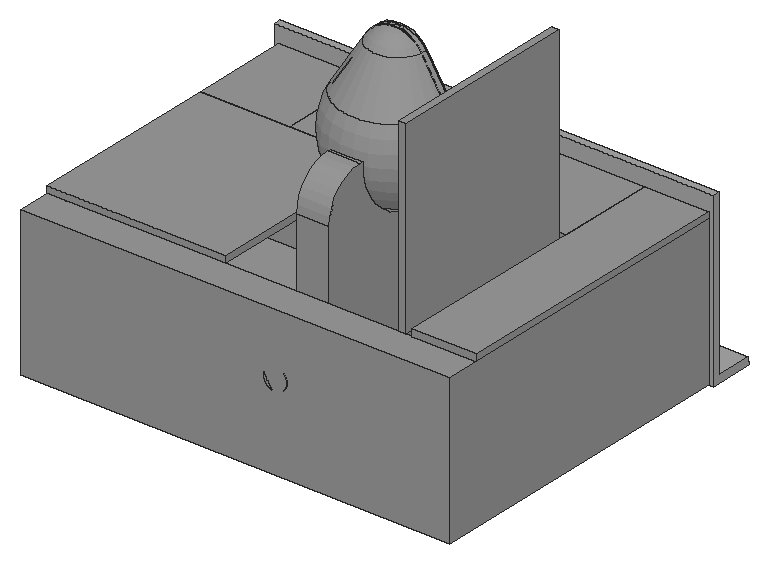
Revit family "Modular_Patient_Care_Unit-Willoughby-Patient_Care_Unit-WH-1700-R-SFO", category Plumbing Fixtures, Revit 2015
Parameters (values of type "Standard")
  Waste RAD [instance] = Waste DIA / 2  # 1 1/4"
  Waste DIA [instance] = 2 1/2"
  Waste Connection = yes
  Vent Connection = no
  URL = "https://www.willoughby-ind.com/wp-content/uploads/2018/01/WH-1700.pdf"
  Type Comments = ""
  Stainless Steel = Stainless Steel AISI 304-Willoughby
  Solid Polymer Finish = Polyethylene, High Density
  Revision = "A"
  Model = "WH-1700-R-SFO"
  Manufacturer = "Willoughby Industries"
  Lav Inlets RAD [instance] = Lav Inlets DIA / 2  # 1/4"
  Lav Inlets DIA [instance] = 1/2"
  Lav Drain DIA [instance] = 1"
  Lav DR-RAD [instance] = Lav Drain DIA / 2  # 1/2"
  HW Connection = yes
  Flush inlet RAD [instance] = Flush inlet DIA / 2  # 1/2"
  Flush inlet DIA [instance] = 1"
  Dialysis Drain DIA [instance] = 1 1/2"
  Dialysis Box Inlets DIA [instance] = 1/2"
  Description = "Right Hand Floor Outlet Patient Care Unit"
  Default Elevation = 0' - 0"
  DB-RAD [instance] = Dialysis Box Inlets DIA / 2  # 1/4"
  D-Drain RAD [instance] = Dialysis Drain DIA / 2  # 3/4"
  Contact Number = "(800) 428-4065"
  CW Connection = yes
  Bed Pan Inlet RAD [instance] = Bed Pan Inlet DIA / 2  # 1/4"
  Bed Pan Inlet DIA [instance] = 1/2"
  Aquasurf Solid Surface = Solid Surface Acrylic Resin-Willoughby
Reference planes (in)
  plane 1 "Base": y = -16.25
  plane 2: z = 0
  plane 3 "Center": x = 18.31072
  plane 4: y = 23.75
  plane 5: z = 36.61155
  plane 6: y = 0.75
  plane 7 "Waste": y = -11
  plane 8 "D-HGT": y = 17.5
  plane 9 "Flush Inlet": y = 10.25
  plane 10 "D-Drain HT": y = 4.875
  plane 11 "Bed Pan Inlet": y = 13.25
  plane 12: y = 9.25
  plane 13: y = 7
  plane 14 "Center Line": x = 13.06072
  plane 15: x = -9.93928
  plane 16: x = 37.81072
Forms (in)
  Extrusion 1, solid, material "Stainless Steel AISI 304-Willoughby" <- "Stainless Steel"
    sketch origin (16.08109, 9.45936, 3.7328) x (-1, 0, 0) y (0, 0, -1)
      loop
        line (1.29775, -16.80087) -> (1.29775, 2.08922) -> (-5.72963, 2.08922) -> (-5.72963, -16.81676)
        arc (-5.72963, -16.81676) -> (-8.98136, -21.11843) -> (-8.21015, -26.45542) r 7
        line (-8.21015, -26.45542) -> (-5.16818, -31.31054)
        arc (-5.16818, -31.31054) -> (-2.20225, -32.95225) -> (0.76368, -31.31054) r 3.5
        line (0.76368, -31.31054) -> (3.80565, -26.45542)
        arc (3.80565, -26.45542) -> (4.5729, -21.10311) -> (1.29775, -16.80087) r 7
      loop
        arc (2.03989, -24.70557) -> (-2.20225, -18.23804) -> (-6.44438, -24.70557) r 4.625
        line (-6.44438, -24.70557) -> (-4.04125, -30.23842)
        arc (-4.04125, -30.23842) -> (-2.20225, -31.45225) -> (-0.36324, -30.23842) r 2
        line (-0.36324, -30.23842) -> (2.03989, -24.70557)
    from 8.72968 to 9.5
  Revolve 2, solid, material "Stainless Steel AISI 304-Willoughby" <- "Stainless Steel"
    sketch origin (19.37246, 0.45936, 6.93674) x (-1, 0, 0) y (0, 0, -1)
      loop
        line (1.06174, -12.65916) -> (1.06174, -12.84906)
        arc (1.06174, -12.84906) -> (6.96784, -16.33096) -> (6.78077, -23.18447) r 6.75
        line (6.78077, -23.18447) -> (3.81535, -27.91457)
        arc (3.81535, -27.91457) -> (2.63527, -29.03194) -> (1.06174, -29.43826) r 3.25
        line (1.06174, -29.43826) -> (1.06174, -29.74821)
        arc (1.06174, -29.74821) -> (2.77212, -29.31711) -> (4.05505, -28.10661) r 3.5
        line (4.05505, -28.10661) -> (7.09702, -23.25148)
        arc (7.09702, -23.25148) -> (7.17114, -16.1937) -> (1.06174, -12.65916) r 7
      axis (1.06174, -12.65916) -> (1.06174, -29.74821)
    angle from 0 to -180
  Extrusion 3, solid, material "Stainless Steel AISI 304-Willoughby" <- "Stainless Steel"
    sketch origin (19.53334, -1.02032, 5.9242) x (0, 1, 0) y (0, 0, 1)
      loop
        line (-5.48285, -4.28061) -> (0.97968, -4.28061) -> (0.97968, 13.76202)
        arc (0.97968, 13.76202) -> (-3.33475, 15.6078) -> (-5.48285, 19.77995) r 6.92744
        line (-5.48285, 19.77995) -> (-5.48285, -4.28061)
    from 0.52738 to -2.97262
  Extrusion 4, solid, material "Stainless Steel AISI 304-Willoughby" <- "Stainless Steel"
    sketch origin (17.03334, 29.33792, 6.56919) x (0, 1, 0) y (0, 0, 1)
      loop
        line (-35.84109, -4.9256) -> (-35.84109, 20.30581) -> (-36.18717, 20.30581)
        arc (-36.18717, 20.30581) -> (-39.21058, 19.05347) -> (-40.46292, 16.03006) r 4.27575
        line (-40.46292, 16.03006) -> (-40.46292, -4.9256) -> (-35.84109, -4.9256)
    from -0.47262 to 3.02738
  Extrusion 5, solid, material "Solid Surface Acrylic Resin-Willoughby" <- "Aquasurf Solid Surface"
    sketch origin (0.00095, -16.25, 0.01859) x (1, 0, 0) y (0, 0, 1)
      loop
        line (37.80977, 0.825) -> (-9.94023, 0.825) -> (-9.94023, -0.01859) -> (37.80977, -0.01859) -> (37.80977, 0.825)
    from -40 to -35.25
  Extrusion 6, solid, material "Solid Surface Acrylic Resin-Willoughby" <- "Aquasurf Solid Surface"
    sketch origin (-2.12405, -16.25, 0.01859) x (1, 0, 0) y (0, 0, 1)
      loop
        line (39.93477, -0.01859) -> (39.93477, 18.625) -> (-7.81523, 18.625) -> (-7.81523, -0.01859) -> (39.93477, -0.01859)
    from -36 to -35.25
  Extrusion 7, solid, material "Stainless Steel AISI 304-Willoughby" <- "Stainless Steel"
    sketch origin (0.00095, -16.25, 0.01859) x (1, 0, 0) y (0, 0, 1)
      loop
        line (37.31072, -0.01859) -> (37.31072, 16.125) -> (-9.43928, 16.125) -> (-9.43928, -0.01859) -> (37.31072, -0.01859)
    from -35.25 to 0
  Extrusion 8, solid, material "Polyethylene, High Density" <- "Solid Polymer Finish"
    sketch origin (0.00095, -16.25, 0.01859) x (1, 0, 0) y (0, 0, 1)
      loop
        line (9.99822, 16.125) -> (9.99822, 16.875) -> (-9.43928, 16.875) -> (-9.43928, 16.125) -> (9.99822, 16.125)
    from -3.625 to -24.5
  Extrusion 9, solid, material "Polyethylene, High Density" <- "Solid Polymer Finish"
    sketch origin (0.00095, 4.625, 0.01859) x (1, 0, 0) y (0, 0, 1)
      loop
        line (0.24822, 16.125) -> (0.24822, 16.875) -> (-9.43928, 16.875) -> (-9.43928, 16.125) -> (0.24822, 16.125)
    from -3.625 to -14.375
  Extrusion 10, solid, material "Polyethylene, High Density" <- "Solid Polymer Finish"
    sketch origin (26.90707, 4.625, 0.01859) x (1, 0, 0) y (0, 0, 1)
      loop
        line (3.4046, 16.125) -> (3.4046, 16.875) -> (-16.9079, 16.875) -> (-16.9079, 16.125) -> (3.4046, 16.125)
    from -3.625 to -14.375
  Extrusion 11, solid, material "Polyethylene, High Density" <- "Solid Polymer Finish"
    sketch origin (13.18819, 4.625, 0.01859) x (1, 0, 0) y (0, 0, 1)
      loop
        line (-3.18903, 16.125) -> (-3.18903, 16.875) -> (-12.93903, 16.875) -> (-12.93903, 16.125) -> (-3.18903, 16.125)
    from -3.625 to -14.375
  Extrusion 12, solid, material "Polyethylene, High Density" <- "Solid Polymer Finish"
    sketch origin (12.69819, -16.25, 26.10977) x (0, 0, -1) y (1, 0, 0)
      loop
        line (9.96618, 16.125) -> (9.96618, 16.875) -> (-10.50178, 16.875) -> (-10.50178, 16.125) -> (9.96618, 16.125)
    from -3.625 to -24.5
  Extrusion 13, solid, material "Stainless Steel AISI 304-Willoughby" <- "Stainless Steel", detail levels fine
    sketch origin (0.00095, -16.25, -1.625) x (1, 0, 0) y (0, 0, -1)
      loop
        circle (18.31072, -11) r 1.25
    from 0 to 5.125
  Extrusion 14, solid, material "Stainless Steel AISI 304-Willoughby" <- "Stainless Steel", detail levels fine
    sketch origin (-1.58208, 1.46689, 0.01859) x (1, 0, 0) y (0, 1, 0)
      loop
        circle (13.70624, 16.03311) r 0.25
    from 0 to 0.486
  Extrusion 15, solid, material "Stainless Steel AISI 304-Willoughby" <- "Stainless Steel", detail levels fine
    sketch origin (2.84936, 1.29431, 0.01859) x (1, 0, 0) y (0, 1, 0)
      loop
        circle (13.27481, 16.20569) r 0.25
    from 0 to 0.486
  Extrusion 16, solid, material "Stainless Steel AISI 304-Willoughby" <- "Stainless Steel", detail levels fine
    sketch origin (-0.43655, 0, 0.01859) x (1, 0, 0) y (0, 1, 0)
      loop
        circle (9.99822, 10.25) r 0.5
    from 0 to 1
  Extrusion 17, solid, material "Stainless Steel AISI 304-Willoughby" <- "Stainless Steel", detail levels fine
    sketch origin (-0.37405, 0, 0.01859) x (1, 0, 0) y (0, 1, 0)
      loop
        circle (22.24822, 4.875) r 0.75
    from 0 to 1
  Extrusion 18, solid, material "Stainless Steel AISI 304-Willoughby" <- "Stainless Steel", detail levels fine
    sketch origin (-0.37405, 0, 0.01859) x (1, 0, 0) y (0, 1, 0)
      loop
        circle (-5.68928, 9.25) r 0.25
    from 0 to 1
  Extrusion 19, solid, material "Stainless Steel AISI 304-Willoughby" <- "Stainless Steel", detail levels fine
    sketch origin (-0.37405, 0, 0.01859) x (1, 0, 0) y (0, 1, 0)
      loop
        circle (-2.81428, 9.25) r 0.25
    from 0 to 1
  Extrusion 20, solid, material "Stainless Steel AISI 304-Willoughby" <- "Stainless Steel", detail levels fine
    sketch origin (-0.37405, 0, 0.01859) x (1, 0, 0) y (0, 1, 0)
      loop
        circle (0.68572, 7) r 0.5
    from 0 to 1
  Extrusion 21, solid, material "Polyethylene, High Density" <- "Solid Polymer Finish"
    sketch origin (26.46282, -16.25, 0.37192) x (1, 0, 0) y (0, 0, 1)
      loop
        line (10.84884, 15.77167) -> (10.84884, 16.52167) -> (3.84884, 16.52167) -> (3.84884, 15.77167) -> (10.84884, 15.77167)
    from -3.625 to -35.25
  Extrusion 22, solid, material "Stainless Steel AISI 304-Willoughby" <- "Stainless Steel", detail levels fine
    sketch origin (9.56345, 8.375, 0.01859) x (1, 0, 0) y (0, 1, 0)
      loop
        circle (22.24822, 4.875) r 0.25
    from 0 to 1
  Extrusion 23, void, detail levels fine
    sketch origin (0, -16.25, 0) x (1, 0, 0) y (0, 0, 1)
      loop
        line (9.99917, 5.77594) -> (9.99917, 13.15094)
        arc (9.99917, 13.15094) -> (9.41338, 14.56516) -> (7.99917, 15.15094) r 2
        line (7.99917, 15.15094) -> (-2.25083, 15.15094)
        arc (-2.25083, 15.15094) -> (-3.66505, 14.56516) -> (-4.25083, 13.15094) r 2
        line (-4.25083, 13.15094) -> (-4.25083, 5.77594)
        arc (-4.25083, 5.77594) -> (-3.66505, 4.36173) -> (-2.25083, 3.77594) r 2
        line (-2.25083, 3.77594) -> (7.99917, 3.77594)
        arc (7.99917, 3.77594) -> (9.41338, 4.36173) -> (9.99917, 5.77594) r 2
    from -30.52438 to -36
  Extrusion 24, void, detail levels fine
    sketch origin (0, -16.25, 0) x (1, 0, 0) y (0, 0, 1)
      loop
        line (35.43462, 16.14359) -> (-7.43833, 16.14359) -> (-7.43833, 1.64359) -> (35.43462, 1.64359) -> (35.43462, 16.14359)
    from -3.625 to -29.5
Cuts and joins
  joined: Extrusion 3, Extrusion 4
  Extrusion 23, Extrusion 24 cuts Extrusion 7
  Extrusion 23 cuts Extrusion 6
  joined: Extrusion 5, Extrusion 6
Lines and regions (in)
  symbolic lines
    curve 1: line (-9.43833, -16.25, 0) -> (-9.43833, 19, 0)
    curve 2: line (-9.93928, 19, 0) -> (37.81072, 19, 0)
    curve 3: line (37.81072, 19, 0) -> (37.81072, 23.75, 0)
    curve 4: line (37.81072, 23.75, 0) -> (-9.93928, 23.75, 0)
    curve 5: line (-9.93928, 23.75, 0) -> (-9.93928, 19.75, 0)
    curve 7: line (37.31167, 19, 0) -> (37.31167, -16.25, 0)
    curve 8: line (37.31167, -16.25, 0) -> (-9.43833, -16.25, 0)
    curve 9: line (37.31167, -12.625, 0) -> (-9.43833, -12.625, 0)
    curve 10: line (30.31167, 19, 0) -> (30.31167, -12.625, 0)
    curve 28: line (37.81072, -16.25, 0) -> (37.81072, -16.25, 18.64359)
    curve 29: line (37.81072, -16.25, 18.64359) -> (-9.93928, -16.25, 18.64359)
    curve 30: line (-9.93928, -16.25, 18.64359) -> (-9.93928, -16.25, 0)
    curve 31: line (-9.93928, -16.25, 0) -> (37.81072, -16.25, 0)
    curve 54: line (18.31072, -16.25, 0) -> (18.31072, 19, 0)
    curve 59: line (18.31072, 19, 16.14359) -> (18.31072, 19, 0)
    curve 60: line (18.31072, 19, 16.14359) -> (18.31072, -16.25, 16.14359)
    curve 61: line (18.31072, -16.25, 16.14359) -> (18.31072, -16.25, 0)
    curve 84: line (-9.93928, 19, 0) -> (-9.93928, 19.75, 0)
  symbolic lines, detail levels medium+fine
    curve 6: line (-9.93928, 19.75, 0) -> (37.81072, 19.75, 0)
    curve 11: line (0.24917, 19, 0) -> (0.24917, 8.25, 0)
    curve 12: line (9.99917, 19, 0) -> (9.99917, -12.625, 0)
    curve 26: line (-9.43833, 8.25, 0) -> (9.99917, 8.25, 0)
    curve 27: line (9.99917, 8.25, 0) -> (30.31167, 8.25, 0)
    curve 32: line (-9.93928, -16.25, 0.84359) -> (37.81072, -16.25, 0.84359)
    curve 33: line (29.57319, -16.25, 18.64359) -> (29.57319, -16.25, 36.61155)
    curve 34: line (29.57319, -16.25, 36.61155) -> (28.82319, -16.25, 36.61155)
    curve 35: line (28.82319, -16.25, 36.61155) -> (28.82319, -16.25, 18.64359)
    curve 36: line (21.81072, -16.25, 18.64359) -> (21.81072, -16.25, 20.54956)
    curve 37: line (14.78334, -16.25, 20.53367) -> (14.78334, -16.25, 18.64359)
    curve 46: arc (12.36003, -16.25, 30.32666) -> (18.2296, -16.25, 19.57237) -> (24.346, -16.25, 30.18822) r 7.02366
    curve 48: arc (21.23423, -16.25, 35.06713) -> (18.26927, -16.25, 36.68502) -> (15.31741, -16.25, 35.04335) r 3.5
    curve 50: line (24.346, -16.25, 30.18822) -> (21.23423, -16.25, 35.06713)
    curve 51: line (15.31741, -16.25, 35.04335) -> (12.36003, -16.25, 30.32666)
    curve 55: line (18.31072, 23.75, 0) -> (18.31072, 23.75, 0.84359)
    curve 56: line (18.31072, 23.75, 0.84359) -> (18.31072, 19.75, 0.84359)
    curve 57: line (18.31072, 19.75, 0.84359) -> (18.31072, 19.75, 18.64359)
    curve 58: line (18.31072, 19.75, 18.64359) -> (18.31072, 19, 18.64359)
    curve 62: line (18.31072, 19, 16.89359) -> (18.31072, -12.625, 16.89359)
    curve 63: line (18.31072, -12.625, 16.89359) -> (18.31072, -12.625, 16.14359)
    curve 64: line (18.31072, 8.25, 16.14359) -> (18.31072, 8.25, 16.89359)
    curve 65: line (18.31072, 8.25, 16.89359) -> (18.31072, 8.25, 36.61155)
    curve 66: line (18.31072, 8.25, 36.61155) -> (18.31072, -12.625, 36.61155)
    curve 67: line (18.31072, -12.625, 36.61155) -> (18.31072, -12.625, 16.89359)
    curve 82: line (18.31072, 19, 16.14359) -> (18.31072, 19, 18.64359)
    curve 83: line (18.31072, 19, 0) -> (18.31072, 23.75, 0)
  symbolic lines, detail levels fine
    curve 13: line (29.57319, 8.25, 0) -> (29.57319, -12.625, 0)
    curve 14: line (28.82319, 8.25, 0) -> (28.82319, -12.625, 0)
    curve 15: line (11.28334, 0.72968, 0) -> (25.28334, 0.72968, 0)
    curve 16: line (25.28334, 0.72968, 0) -> (25.28334, 0.45936, 0)
    curve 17: line (25.3381, 0.45936, 0) -> (11.28334, 0.45936, 0)
    curve 18: line (11.28334, 0.45936, 0) -> (11.28334, 0.72968, 0)
    curve 19: line (11.28334, 0.45936, 0) -> (11.28334, -0.04064, 0)
    curve 20: line (25.3381, 0.45936, 0) -> (25.3381, -0.04064, 0)
    curve 21: arc (25.3381, -0.04064, 0) -> (23.09833, -4.68332, 0) -> (18.31072, -6.59378, 0) r 7.11248
    curve 22: arc (18.31072, -6.59378, 0) -> (13.52382, -4.68256, 0) -> (11.28334, -0.04064, 0) r 7.11541
    curve 23: line (20.06072, -11.125, 0) -> (16.56072, -11.125, 0)
    curve 24: line (16.56072, -11.125, 0) -> (16.56072, -6.3585, 0)
    curve 25: line (20.06072, -11.125, 0) -> (20.06072, -6.35909, 0)
    curve 38: line (9.99917, -16.25, 13.15094) -> (9.99917, -16.25, 5.77594)
    curve 39: line (7.99917, -16.25, 3.77594) -> (-2.25083, -16.25, 3.77594)
    curve 40: line (-4.25083, -16.25, 5.77594) -> (-4.25083, -16.25, 13.15094)
    curve 41: line (-2.25083, -16.25, 15.15094) -> (7.99917, -16.25, 15.15094)
    curve 42: arc (9.99917, -16.25, 13.15094) -> (9.41338, -16.25, 14.56516) -> (7.99917, -16.25, 15.15094) r 2
    curve 43: arc (-2.25083, -16.25, 15.15094) -> (-3.66505, -16.25, 14.56516) -> (-4.25083, -16.25, 13.15094) r 2
    curve 44: arc (-4.25083, -16.25, 5.77594) -> (-3.66505, -16.25, 4.36173) -> (-2.25083, -16.25, 3.77594) r 2
    curve 45: arc (7.99917, -16.25, 3.77594) -> (9.41338, -16.25, 4.36173) -> (9.99917, -16.25, 5.77594) r 2
    curve 47: arc (14.0412, -16.25, 28.43837) -> (18.28334, -16.25, 21.97085) -> (22.52547, -16.25, 28.43837) r 4.625
    curve 49: arc (20.12234, -16.25, 33.97122) -> (18.28334, -16.25, 35.18505) -> (16.44433, -16.25, 33.97122) r 2
    curve 52: line (16.44433, -16.25, 33.97122) -> (14.0412, -16.25, 28.43837)
    curve 53: line (20.12234, -16.25, 33.97122) -> (22.52547, -16.25, 28.43837)
    curve 68: line (18.31072, 0.72968, 16.89359) -> (18.31072, 0.72968, 36.61155)
    curve 69: line (18.31072, -0.04064, 36.61155) -> (18.31072, -0.04064, 16.89359)
    curve 70: line (18.31072, 0.72968, 20.54956) -> (18.31072, -0.04064, 20.54956)
    curve 71: arc (18.31072, -0.04064, 36.61155) -> (18.31072, -1.14474, 36.30896) -> (18.31072, -2.06293, 35.62521) r 3.09037
    curve 72: line (18.31072, -2.06293, 35.62521) -> (18.31072, -5.57593, 30.18822)
    curve 73: arc (18.31072, -5.57593, 30.18822) -> (18.31072, -6.29057, 28.60186) -> (18.31072, -6.50317, 26.875) r 5.80672
    curve 74: line (18.31072, -6.50317, 26.875) -> (18.31072, -6.84925, 26.875)
    curve 75: arc (18.31072, -6.84925, 26.875) -> (18.31072, -9.87266, 25.62266) -> (18.31072, -11.125, 22.59925) r 4.27575
    curve 76: arc (18.31072, -0.04064, 19.68622) -> (18.31072, -4.35507, 21.53199) -> (18.31072, -6.50317, 25.70414) r 6.92744
    curve 77: line (18.31072, -6.50317, 25.70414) -> (18.31072, -6.50317, 26.875)
    curve 78: line (18.31072, -11.125, 22.59925) -> (18.31072, -11.125, 16.89359)
    curve 79: line (18.31072, 0.72968, 36.61155) -> (18.31072, 0.72968, 36.68505)
    curve 80: line (18.31072, 0.72968, 36.68505) -> (18.31072, -0.04064, 36.68505)
    curve 81: line (18.31072, -0.04064, 36.68505) -> (18.31072, -0.04064, 36.61155)
Dimensions and locks (in)
  locked: plane 1 "Base" to plane 7 "Waste" at 5.25
  locked: plane 1 "Base" to plane 9 "Flush Inlet" at 26.5
  locked: plane 1 "Base" to plane 10 "D-Drain HT" at 21.125
  locked: plane 1 "Base" to plane 12 at 25.5
  locked: plane 1 "Base" to plane 13 at 23.25
  locked: plane 4 to plane 1 "Base" at 40
  locked: plane 1 "Base" to plane 8 "D-HGT" at 33.75
  locked: plane 1 "Base" to plane 11 "Bed Pan Inlet" at 29.5
  plane 15 to plane 16 = 3' - 11 3/4"
  locked: plane 14 "Center Line" to plane 3 "Center" at 5.25  (x2)
  locked: connector elem to plane 14 "Center Line" at 3.49905
  locked: connector elem to plane 14 "Center Line" at 12.74905
  locked: connector elem to plane 14 "Center Line" at 16.24905
  locked: connector elem to plane 14 "Center Line" at 19.12405
  locked: connector elem to plane 14 "Center Line" at 0.93655
  locked: plane 14 "Center Line" to connector elem at 3.06345
  locked: plane 14 "Center Line" to connector elem at 8.81345
  locked: cut or joined group of Extrusion 5, Extrusion 6, Extrusion 23 to cut or joined group of Extrusion 5, Extrusion 6, Extrusion 23 at 0.84359
  locked: plane 2 to cut or joined group of Extrusion 5, Extrusion 6, Extrusion 23 at 3.77594
  locked: cut or joined group of Extrusion 5, Extrusion 6, Extrusion 23 to cut or joined group of Extrusion 5, Extrusion 6, Extrusion 23 at 11.375
  locked: cut or joined group of Extrusion 5, Extrusion 6, Extrusion 23 to cut or joined group of Extrusion 5, Extrusion 6, Extrusion 23 at 5.68845
  locked: cut or joined group of Extrusion 5, Extrusion 6, Extrusion 23 to cut or joined group of Extrusion 5, Extrusion 6, Extrusion 23 at 14.25
  plane 15 to plane 14 "Center Line" = 1' - 11"
  locked: plane 14 "Center Line" to plane 16 at 24.75
  locked: plane 15 to plane 14 "Center Line" at 23
  locked: level to cut or joined group of Extrusion 5, Extrusion 6, Extrusion 23 at 18.64359
  locked: level to cut or joined group of Extrusion 7, Extrusion 23, Extrusion 24 at 16.14359
  locked: cut or joined group of Extrusion 7, Extrusion 23, Extrusion 24 to plane 14 "Center Line" at 22.49905
  locked: plane 14 "Center Line" to cut or joined group of Extrusion 7, Extrusion 23, Extrusion 24 at 24.25095
  locked: cut or joined group of Extrusion 7, Extrusion 23, Extrusion 24 to cut or joined group of Extrusion 7, Extrusion 23, Extrusion 24 at 14.5
  locked: plane 14 "Center Line" to cut or joined group of Extrusion 7, Extrusion 23, Extrusion 24 at 22.3739
  locked: cut or joined group of Extrusion 7, Extrusion 23, Extrusion 24 to plane 14 "Center Line" at 20.49905
  locked: plane 3 "Center" to Extrusion 1 sketch curve at 3.52738
  locked: Extrusion 1 sketch curve to Extrusion 1 sketch curve at 7.02738
  locked: level to Extrusion 1 sketch curve at 26.59585
  locked: Extrusion 1 sketch curve to Extrusion 1 sketch curve at 6.5892
  locked: cut or joined group of Extrusion 3, Extrusion 4 to plane 1 "Base" at 5.125
  locked: Extrusion 4 sketch curve to level at 26.875
  locked: Extrusion 1 to Extrusion 3 sketch curve at 6.46253
  locked: cut or joined group of Extrusion 7, Extrusion 23, Extrusion 24 to Extrusion 12 sketch curve at 20.46796
  locked: Extrusion 12 sketch curve to Extrusion 12 sketch curve at 0.75
  locked: Extrusion 12 sketch curve to plane 16 at 8.23753
  locked: cut or joined group of Extrusion 7, Extrusion 23, Extrusion 24 to Extrusion 9 at 0.75
  locked: Extrusion 10 to Extrusion 21 sketch curve at 7
  locked: cut or joined group of Extrusion 7, Extrusion 23, Extrusion 24 to Extrusion 21 sketch curve at 0.75
  locked: Extrusion 21 to Extrusion 11 at 20.3125
  locked: cut or joined group of Extrusion 7, Extrusion 23, Extrusion 24 to Extrusion 21 at 7
  locked: Extrusion 9 to Extrusion 10 at 9.75
  locked: Extrusion 10 to cut or joined group of Extrusion 5, Extrusion 6, Extrusion 23 at 0
  locked: Extrusion 8 to Extrusion 11 at 9.6875
  locked: Extrusion 12 to plane 1 "Base" at 3.625
  locked: Extrusion 12 to Extrusion 12 at 20.875
  locked: Extrusion 12 to level at 36.61155
  locked: plane 4 to cut or joined group of Extrusion 5, Extrusion 6, Extrusion 23 at 4
  locked: cut or joined group of Extrusion 5, Extrusion 6, Extrusion 23 to cut or joined group of Extrusion 5, Extrusion 6, Extrusion 23 at 0.75
  locked: Extrusion 8 to level at 16.89359
  locked: Extrusion 8 to cut or joined group of Extrusion 7, Extrusion 23, Extrusion 24 at 0.75
  locked: Extrusion 1 to Extrusion 1 at 0.77032
  locked: cut or joined group of Extrusion 5, Extrusion 6, Extrusion 23 to level at 0.84359
  locked: cut or joined group of Extrusion 5, Extrusion 6, Extrusion 23 to level at 18.64359
  radius of cut or joined group of Extrusion 5, Extrusion 6, Extrusion 23 = 0' - 2"  (x2)
  radius of Extrusion 1 sketch curve = 0' - 4 5/8"
  radius of Extrusion 1 sketch curve = 0' - 7"
  radius of Extrusion 1 sketch curve = 0' - 3 1/2"
  radius of Extrusion 1 sketch curve = 0' - 2"
  radius of cut or joined group of Extrusion 3, Extrusion 4 = 0' - 4.27575"  (x2)
  radius of cut or joined group of Extrusion 3, Extrusion 4 = 0' - 6.92744"  (x2)
  radius of Extrusion 1 = 0' - 7"
  radius of Revolve 2 sketch curve = 0' - 6 3/4"
  radius of Revolve 2 sketch curve = 0' - 3 1/4"
  radius of Extrusion 1 = 0' - 3 1/2"
  locked: Extrusion 1 sketch curve to Extrusion 1 sketch curve (angle 46.9544°)
  locked: Extrusion 1 sketch curve to Extrusion 1 sketch curve (angle 64.1382°)
  aligned and locked: Extrusion 21 to Extrusion 7
  aligned and locked: Extrusion 9 to cut or joined group of Extrusion 7, Extrusion 23, Extrusion 24
  aligned and locked: Extrusion 11 to Extrusion 9  (x2)
  aligned and locked: Extrusion 10 to Extrusion 9  (x2)
  aligned and locked: Extrusion 21 to Extrusion 9  (x2)
  aligned and locked: cut or joined group of Extrusion 5, Extrusion 6, Extrusion 23 to level
  aligned and locked: cut or joined group of Extrusion 5, Extrusion 6, Extrusion 23 to plane 16
  aligned and locked: cut or joined group of Extrusion 5, Extrusion 6, Extrusion 23 to plane 15
  aligned and locked: Extrusion 12 to plane 5
  aligned and locked: cut or joined group of Extrusion 7, Extrusion 23, Extrusion 24 to cut or joined group of Extrusion 5, Extrusion 6, Extrusion 23  (x5)
  aligned and locked: cut or joined group of Extrusion 5, Extrusion 6, Extrusion 23 to cut or joined group of Extrusion 5, Extrusion 6, Extrusion 23  (x8)
  aligned and locked: plane 1 "Base" to cut or joined group of Extrusion 7, Extrusion 23, Extrusion 24
  aligned and locked: plane 4 to cut or joined group of Extrusion 5, Extrusion 6, Extrusion 23
  aligned and locked: Extrusion 21 to Extrusion 8
  aligned and locked: plane 5 to Extrusion 12  (x2)
  aligned and locked: Extrusion 5 sketch curve to level
  aligned and locked: Extrusion 5 sketch curve to plane 15
  aligned and locked: cut or joined group of Extrusion 5, Extrusion 6, Extrusion 23 to Extrusion 5 sketch curve
  aligned and locked: plane 15 to Extrusion 6 sketch curve
  aligned and locked: Extrusion 6 sketch curve to plane 16
  aligned and locked: plane 2 to Extrusion 6 sketch curve
  aligned and locked: Extrusion 7 sketch curve to plane 2
  aligned and locked: Extrusion 7 sketch curve to level
  aligned and locked: Extrusion 24 sketch curve to cut or joined group of Extrusion 7, Extrusion 23, Extrusion 24
  aligned and locked: Extrusion 1 sketch curve to cut or joined group of Extrusion 7, Extrusion 23, Extrusion 24
  aligned and locked: Extrusion 4 sketch curve to cut or joined group of Extrusion 7, Extrusion 23, Extrusion 24
  aligned and locked: Extrusion 3 sketch curve to cut or joined group of Extrusion 7, Extrusion 23, Extrusion 24
  aligned and locked: Extrusion 3 sketch curve to Extrusion 1
  aligned and locked: Revolve 2 sketch curve to Extrusion 1  (x3)
  aligned and locked: plane 5 to Extrusion 12 sketch curve  (x2)
  aligned and locked: Extrusion 12 sketch curve to plane 5
  aligned and locked: cut or joined group of Extrusion 7, Extrusion 23, Extrusion 24 to Extrusion 12 sketch curve
  aligned and locked: Extrusion 8 sketch curve to cut or joined group of Extrusion 7, Extrusion 23, Extrusion 24
  aligned and locked: cut or joined group of Extrusion 7, Extrusion 23, Extrusion 24 to Extrusion 8 sketch curve
  aligned and locked: cut or joined group of Extrusion 5, Extrusion 6, Extrusion 23 to Extrusion 8 sketch curve
  aligned and locked: Extrusion 21 sketch curve to cut or joined group of Extrusion 7, Extrusion 23, Extrusion 24
  aligned and locked: cut or joined group of Extrusion 7, Extrusion 23, Extrusion 24 to Extrusion 21 sketch curve
  aligned and locked: Extrusion 21 sketch curve to Extrusion 10
  aligned and locked: cut or joined group of Extrusion 7, Extrusion 23, Extrusion 24 to Extrusion 10 sketch curve
  aligned and locked: Extrusion 10 sketch curve to Extrusion 11
  aligned and locked: cut or joined group of Extrusion 7, Extrusion 23, Extrusion 24 to Extrusion 11 sketch curve
  aligned and locked: cut or joined group of Extrusion 7, Extrusion 23, Extrusion 24 to Extrusion 9 sketch curve
  aligned and locked: Extrusion 9 sketch curve to cut or joined group of Extrusion 7, Extrusion 23, Extrusion 24
  aligned and locked: Extrusion 9 sketch curve to Extrusion 11
  aligned and locked: cut or joined group of Extrusion 5, Extrusion 6, Extrusion 23 to cut or joined group of Extrusion 7, Extrusion 23, Extrusion 24
  aligned and locked: Revolve 2 to Extrusion 1
  aligned and locked: cut or joined group of Extrusion 7, Extrusion 23, Extrusion 24 to level
  aligned and locked: cut or joined group of Extrusion 7, Extrusion 23, Extrusion 24 to cut or joined group of Extrusion 7, Extrusion 23, Extrusion 24
  aligned and locked: Extrusion 13 to cut or joined group of Extrusion 3, Extrusion 4
Connectors (in)
  piping at (18.31167, -16.25, 9.375), diameter 2.5, driven by "Waste RAD", driven by "Waste Connection"
    settings: on Extrusion 13, index 20, connector inside diameter 2 1/2", connector length 0' - 0", flow factor 0, pipe flow 0 GPM, pressure drop 0.00 psi, fitting loss kfactor 0, connector angle 0.00°, fixture units 0, engagement length 0' - 0", angle of deflection 0.00°, flow configuration 0, flow direction 2, fitting loss method 0, system type 16, joint type 0, gender type 0, connector reference index -1, connector utility 1, adjustable connector no, is connector primary yes, connector description "Toilet Waste"
  piping at (16.12417, 17.5, 0.01859), diameter 0.5, driven by "DB-RAD", driven by "CW Connection"
    settings: on Extrusion 15, index 21, connector inside diameter 1/2", connector length 0' - 0", flow factor 0, pipe flow 0 GPM, pressure drop 0.00 psi, fitting loss kfactor 0, connector angle 0.00°, fixture units 0, engagement length 0' - 0", angle of deflection 0.00°, flow configuration 0, flow direction 1, fitting loss method 0, system type 19, joint type 0, gender type 0, connector reference index -1, connector utility 1, adjustable connector no, is connector primary no, connector description "Dialysis Cold Inlet"
  piping at (12.12417, 17.5, 0.01859), diameter 0.5, driven by "DB-RAD", driven by "HW Connection"
    settings: on Extrusion 14, index 22, connector inside diameter 1/2", connector length 0' - 0", flow factor 0, pipe flow 0 GPM, pressure drop 0.00 psi, fitting loss kfactor 0, connector angle 0.00°, fixture units 0, engagement length 0' - 0", angle of deflection 0.00°, flow configuration 0, flow direction 1, fitting loss method 0, system type 19, joint type 0, gender type 0, connector reference index -1, connector utility 1, adjustable connector no, is connector primary no, connector description "Dialysis Hot Inlet"
  piping at (9.56167, 10.25, 0.01859), diameter 1, driven by "Flush inlet RAD", driven by "CW Connection"
    settings: on Extrusion 16, index 23, connector inside diameter 1", connector length 0' - 0", flow factor 0, pipe flow 0 GPM, pressure drop 0.00 psi, fitting loss kfactor 0, connector angle 0.00°, fixture units 0, engagement length 0' - 0", angle of deflection 0.00°, flow configuration 0, flow direction 1, fitting loss method 0, system type 20, joint type 0, gender type 0, connector reference index -1, connector utility 1, adjustable connector no, is connector primary no, connector description "Flush Inlet"
  piping at (21.87417, 4.875, 0.01859), diameter 1.5, driven by "D-Drain RAD", driven by "Waste Connection"
    settings: on Extrusion 17, index 24, connector inside diameter 1 1/2", connector length 0' - 0", flow factor 0, pipe flow 0 GPM, pressure drop 0.00 psi, fitting loss kfactor 0, connector angle 0.00°, fixture units 0, engagement length 0' - 0", angle of deflection 0.00°, flow configuration 0, flow direction 2, fitting loss method 0, system type 16, joint type 0, gender type 0, connector reference index -1, connector utility 1, adjustable connector no, is connector primary no, connector description "Dialysis Drain Waste"
  piping at (-6.06333, 9.25, 0.01859), diameter 0.5, driven by "Lav Inlets RAD", driven by "HW Connection"
    settings: on Extrusion 18, index 25, connector inside diameter 1/2", connector length 0' - 0", flow factor 0, pipe flow 0 GPM, pressure drop 0.00 psi, fitting loss kfactor 0, connector angle 0.00°, fixture units 0, engagement length 0' - 0", angle of deflection 0.00°, flow configuration 0, flow direction 1, fitting loss method 0, system type 20, joint type 0, gender type 0, connector reference index -1, connector utility 1, adjustable connector no, is connector primary no, connector description "Lav CW Inlet"
  piping at (-3.18833, 9.25, 0.01859), diameter 0.5, driven by "Lav Inlets RAD", driven by "CW Connection"
    settings: on Extrusion 19, index 26, connector inside diameter 1/2", connector length 0' - 0", flow factor 0, pipe flow 0 GPM, pressure drop 0.00 psi, fitting loss kfactor 0, connector angle 0.00°, fixture units 0, engagement length 0' - 0", angle of deflection 0.00°, flow configuration 0, flow direction 1, fitting loss method 0, system type 19, joint type 0, gender type 0, connector reference index -1, connector utility 1, adjustable connector no, is connector primary no, connector description "Lav CW Inlet"
  piping at (0.31167, 7, 0.01859), diameter 1, driven by "Lav DR-RAD", driven by "Waste Connection"
    settings: on Extrusion 20, index 27, connector inside diameter 1", connector length 0' - 0", flow factor 0, pipe flow 0 GPM, pressure drop 0.00 psi, fitting loss kfactor 0, connector angle 0.00°, fixture units 0, engagement length 0' - 0", angle of deflection 0.00°, flow configuration 0, flow direction 2, fitting loss method 0, system type 16, joint type 0, gender type 0, connector reference index -1, connector utility 1, adjustable connector no, is connector primary no, connector description "Sink Drain Waste"
  piping at (31.81167, 13.25, 1.01859), diameter 0.5, driven by "Bed Pan Inlet RAD", driven by "CW Connection"
    settings: on Extrusion 22, index 28, connector inside diameter 1/2", connector length 0' - 0", flow factor 0, pipe flow 0 GPM, pressure drop 0.00 psi, fitting loss kfactor 0, connector angle 0.00°, fixture units 0, engagement length 0' - 0", angle of deflection 0.00°, flow configuration 0, flow direction 1, fitting loss method 0, system type 20, joint type 0, gender type 0, connector reference index -1, connector utility 1, adjustable connector yes, is connector primary no, connector description "Bed Pan CW Inlet"
